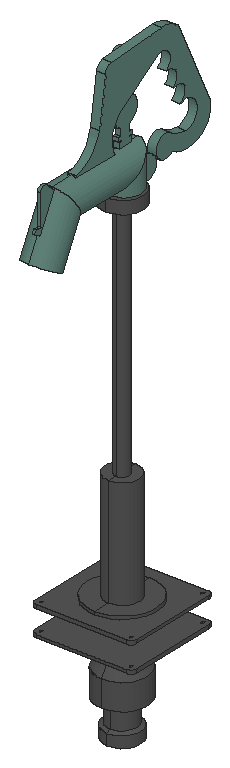
Revit family "Roof_Hydrant-Non_Freeze-Jay R.Smith-5906", category Plumbing Fixtures, Revit 2019
Family settings
  Round Connector Dimension = Use Diameter
  Part Type = Normal
  OmniClass Number = 23.65.70.11.11
  OmniClass Title = Fixtures for Liquids
  Work Plane-Based = No
  Always vertical = Yes
  Cut with Voids When Loaded = No
  Shared = No
  Room Calculation Point = No
Parameters (values of type "5906")
  Waste Connection = yes
  Vent Connection = no
  Vacuum Breaker -H = no
  URL = "http://www.jrsmith.com"
  Product URL = "http://www.jrsmith.com/products/hyd/hydrants_5906.htm"
  Product Page URL = "https://www.jrsmith.com/roof-hydrant-5906"
  Product Documentation Link = "https://www.jrsmith.com/uploads/fileLibrary/d5906.pdf"
  Model = "5906"
  Material = Metal-Jay R. Smith-Galvanized Iron
  Manufacturer = "J.R. Smith"
  Hose Connection = 3/4"
  Height from Metal Deck (Min. 17" - Max. 43") = 43"
  Height = 53 1/2"
  HW Connection = no
  Description = "Roof Hydrant, non-freeze roof hydrant with galvanized casing and adjustable flow whieel lock handle with deck flange and under deck clamp. "
  Connection Size = 3/4"
  CW Connection = yes
  Base Thickness = 2"
  1/8" NPT Drain Hole = 1/8"
Reference planes (in)
  plane 1 "Center (Front/Back)": y = 0
  plane 2: z = 0
  plane 3 "Center (Left/Right)": x = 0
  plane 4: through (0, 0, 48) normal (-0.7071, -0.7071, 0)
  plane 5: through (0, 0, 48) normal (-0.7071, 0.7071, 0)
  plane 6: z = 43
  plane 7: y = 3.8925
  plane 8: y = -3.8925
  plane 9: z = 10
  plane 10: z = -2
  plane 11: z = -10.5
Forms (in)
  Revolve 1, solid, material "Metal-Jay R. Smith-Galvanized Iron" <- "Material"
    sketch origin (0, 0, 0) x (0, -1, 0) y (0, 0, 1)
      loop
        line (0, -10.5) -> (0, 32.11341) -> (-1.81643, 32.11341) -> (-1.81643, 31.01655) -> (-0.60888, 31.01655) -> (-0.60888, 10) -> (-1.47646, 10) -> (-1.47646, 0.5198) -> (-2.97783, 0.5198) -> (-2.97783, 0.2698) -> (-1.23388, 0.2698) -> (-1.23388, -3.50804) -> (-1.67936, -3.731) -> (-1.67936, -4.19359) -> (-2.22783, -5.05028) -> (-2.22783, -7.31253) -> (-1.26815, -7.82643) -> (-1.26815, -9.33451) -> (-1.61082, -9.54011) -> (-1.61082, -10.5) -> (0, -10.5)
      axis (0, 32.11341) -> (0, -10.5)
    angle from 0 to 360
  Extrusion 2, solid, material "Metal-Jay R. Smith-Galvanized Iron"
    sketch origin (0, 0, 0.2698) x (1, 0, 0) y (0, 1, 0)
      loop
        arc (-3.89025, 4.39025) -> (-4.2438, 4.2438) -> (-4.39025, 3.89025) r 0.5
        line (-4.39025, 3.89025) -> (-4.39025, -3.89025)
        arc (-4.39025, -3.89025) -> (-4.2438, -4.2438) -> (-3.89025, -4.39025) r 0.5
        line (-3.89025, -4.39025) -> (3.89025, -4.39025)
        arc (3.89025, -4.39025) -> (4.2438, -4.2438) -> (4.39025, -3.89025) r 0.5
        line (4.39025, -3.89025) -> (4.39025, 3.89025)
        arc (4.39025, 3.89025) -> (4.2438, 4.2438) -> (3.89025, 4.39025) r 0.5
        line (3.89025, 4.39025) -> (-3.89025, 4.39025)
      loop
        circle (-3.8925, 3.8925) r 0.125
      loop
        circle (3.8925, 3.8925) r 0.125
      loop
        circle (-3.8925, -3.8925) r 0.125
      loop
        circle (3.8925, -3.8925) r 0.125
    from 0 to -0.2698
  Extrusion 3, solid, material "Metal-Jay R. Smith-Galvanized Iron"
    sketch origin (0, 0, -2) x (1, 0, 0) y (0, 1, 0)
      loop
        arc (-3.89025, 4.39025) -> (-4.2438, 4.2438) -> (-4.39025, 3.89025) r 0.5
        line (-4.39025, 3.89025) -> (-4.39025, -3.89025)
        arc (-4.39025, -3.89025) -> (-4.2438, -4.2438) -> (-3.89025, -4.39025) r 0.5
        line (-3.89025, -4.39025) -> (3.89025, -4.39025)
        arc (3.89025, -4.39025) -> (4.2438, -4.2438) -> (4.39025, -3.89025) r 0.5
        line (4.39025, -3.89025) -> (4.39025, 3.89025)
        arc (4.39025, 3.89025) -> (4.2438, 4.2438) -> (3.89025, 4.39025) r 0.5
        line (3.89025, 4.39025) -> (-3.89025, 4.39025)
      loop
        circle (-3.8925, 3.8925) r 0.125
      loop
        circle (3.8925, 3.8925) r 0.125
      loop
        circle (-3.8925, -3.8925) r 0.125
      loop
        circle (3.8925, -3.8925) r 0.125
    from 0 to -0.2698
  Extrusion 4, solid, material "Metal-Jay R. Smith-Galvanized Iron" <- "Material"
    sketch origin (0, 0, 0) x (0, 1, 0) y (0, 0, 1)
      loop
        circle (0, -6.24173) r 0.0625
    from -2.2642 to 0.36575
Cuts and joins
  joined: Revolve 1, Extrusion 4
Dimensions and locks (in)
  locked: plane 9 to plane 2 at 10
  "Height from Metal Deck (Min. 17" - Max. 43")": plane 6 to plane 2
  "Base Thickness": plane 2 to plane 10
  "Height": plane 6 to plane 11
  plane 6 to Revolve 1 sketch curve to Revolve 1 sketch curve = 10.88659" locked, 1.09686" locked
  Revolve 1 sketch curve to Revolve 1 sketch curve to plane 2 = 1/4" locked, 0.2698" locked
  aligned and locked: plane 9 to Revolve 1 sketch curve
  aligned and locked: plane 6 to nested 1
  aligned and locked: plane 1 "Center (Front/Back)" to nested 1
  aligned and locked: plane 3 "Center (Left/Right)" to nested 1
Automatic sketch dimensions
  plane 5 to Extrusion 2 sketch curve = 0"  (x3)
  plane 8 to Extrusion 2 sketch curve = 0"  (x2)
  Extrusion 2 sketch curve to plane 4 = 0"  (x2)
  Extrusion 2 sketch curve to plane 7 = 0"  (x2)
  plane 4 to Extrusion 2 sketch curve = 0"  (x2)
  Extrusion 2 sketch curve to plane 7 = 0.00225"
  Extrusion 2 sketch curve to Extrusion 2 sketch curve = 0.49775"
  Extrusion 2 sketch curve to plane 8 = 0.00225"
  Extrusion 2 sketch curve to Extrusion 2 sketch curve = 0.00225"  (x2)
  plane 5 to Extrusion 3 sketch curve = 0"  (x3)
  plane 8 to Extrusion 3 sketch curve = 0"  (x2)
  Extrusion 3 sketch curve to plane 4 = 0"  (x2)
  Extrusion 3 sketch curve to plane 7 = 0"  (x2)
  plane 4 to Extrusion 3 sketch curve = 0"  (x2)
  Extrusion 3 sketch curve to plane 7 = 0.00225"
  Extrusion 3 sketch curve to Extrusion 3 sketch curve = 0.49775"
  Extrusion 3 sketch curve to plane 8 = 0.00225"
  Extrusion 3 sketch curve to Extrusion 3 sketch curve = 0.00225"  (x2)
  Revolve 1 sketch curve to plane 11 = 0"
  Revolve 1 sketch curve to plane 1 "Center (Front/Back)" = 0"  (x2)
  Revolve 1 sketch curve to plane 1 "Center (Front/Back)" = 0.60888"
  Revolve 1 sketch curve to plane 1 "Center (Front/Back)" = 1.23388"
  Revolve 1 sketch curve to plane 1 "Center (Front/Back)" = 1.26815"
  Revolve 1 sketch curve to Revolve 1 sketch curve = 0.34267"
  Revolve 1 sketch curve to Revolve 1 sketch curve = 0.44548"
  Revolve 1 sketch curve to Revolve 1 sketch curve = 1.20755"
  Revolve 1 sketch curve to Revolve 1 sketch curve = 0.95969"
  Revolve 1 sketch curve to Revolve 1 sketch curve = 0.24259"
  Revolve 1 sketch curve to Revolve 1 sketch curve = 1.50137"
  plane 11 to Revolve 1 sketch curve = 0.95989"
  Revolve 1 sketch curve to Revolve 1 sketch curve = 0.2056"
  Revolve 1 sketch curve to Revolve 1 sketch curve = 1.50807"
  Revolve 1 sketch curve to Revolve 1 sketch curve = 0.51391"
  Revolve 1 sketch curve to Revolve 1 sketch curve = 2.26225"
  Revolve 1 sketch curve to Revolve 1 sketch curve = 0.85669"
  Revolve 1 sketch curve to Revolve 1 sketch curve = 0.46259"
  Revolve 1 sketch curve to Revolve 1 sketch curve = 0.22295"
  Revolve 1 sketch curve to plane 11 = 0.06853"
  Revolve 1 sketch curve to Revolve 1 sketch curve = 1"
  Extrusion 4 sketch curve to plane 1 "Center (Front/Back)" = 0"
  Extrusion 4 sketch curve to plane 10 = 4.24173"
  radius of Extrusion 2 sketch curve = 1/8"  (x4)
  radius of Extrusion 3 sketch curve = 1/8"  (x4)
  radius of Extrusion 4 sketch curve = 1/16"
Nested families (in)
  nested 1: "5906 Top" at (0, 0, 43), type "Top"
Connectors (in)
  piping at (-2.2642, 0, -6.24173), diameter 0.125, driven by "1/8" NPT Drain Hole"
    settings: on cut or joined group of Revolve 1, Extrusion 4, index 1, connector inside diameter 24", connector length 0", flow factor 0, pipe flow 0 GPM, pressure drop 0.00 psi, fitting loss kfactor 0, connector angle 0.00°, fixture units 0, engagement length 0", angle of deflection 0.00°, flow configuration 0, flow direction 2, fitting loss method 0, system type 16, joint type 0, gender type 0, connector reference index -1, connector utility 0, adjustable connector no, is connector primary yes, connector description "1/8\" NPT Drain Hole"
  piping at (0, 0, -10.5), diameter 0.75, driven by "Connection Size"
    settings: on cut or joined group of Revolve 1, Extrusion 4, index 2, connector inside diameter 24", connector length 0", flow factor 0, pipe flow 0 GPM, pressure drop 0.00 psi, fitting loss kfactor 0, connector angle 0.00°, fixture units 0, engagement length 0", angle of deflection 0.00°, flow configuration 0, flow direction 1, fitting loss method 0, system type 20, joint type 0, gender type 0, connector reference index -1, connector utility 0, adjustable connector no, is connector primary no, connector description "3/4\" Water Inlet"
  piping at (0, -8.74081, 29.86606), diameter 0.75, driven by "Hose Connection"
    settings: on nested 1, index 3, connector inside diameter 24", connector length 0", flow factor 0, pipe flow 0 GPM, pressure drop 0.00 psi, fitting loss kfactor 0, connector angle 0.00°, fixture units 0, engagement length 0", angle of deflection 0.00°, flow configuration 0, flow direction 2, fitting loss method 0, system type 20, joint type 0, gender type 0, connector reference index -1, connector utility 0, adjustable connector no, is connector primary no, connector description "3/4\" Hose Connection"
Definition of nested family "5906 Top"
  Parameters (values of type "Top")
    Waste Connection = no
    Vent Connection = no
    URL = "http://www.jrsmith.com"
    Product URL = "http://www.jrsmith.com/products/hyd/hydrants_5906.htm"
    Product Page URL = "https://www.jrsmith.com/roof-hydrant-5906"
    Product Documentation Link = "https://www.jrsmith.com/uploads/fileLibrary/d5906.pdf"
    Model = "5906"
    Material = none
    Manufacturer = "J.R. Smith"
    Height = 53 1/2"
    HW Connection = no
    Description = "Roof Hydrant, non-freeze roof hydrant with galvanized casing and adjustable flow whieel lock handle with deck flange and under deck clamp. "
    CW Connection = yes
  Reference planes (in)
    plane 1 "Center (Front/Back)": y = 0
    plane 2: z = 0
    plane 3 "Center (Left/Right)": x = 0
    plane 4: through (0, 0, 48) normal (-0.7071, -0.7071, 0)
    plane 5: through (0, 0, 48) normal (-0.7071, 0.7071, 0)
    plane 6: z = -2.39079
    plane 7: through (-180.375, 0.77458, -2.39079) normal (0, -0.7071, 0.7071)
    plane 8: z = 0
    plane 9: x = 0
  Forms (in)
    Sweep 1, solid, material <- "Material"
      path origin (0, 0, -53.35401) x (0, -1, 0) y (0, 0, 1)
        loop
          line (-1.66222, 42.46218) -> (-1.66222, 45.78672) -> (7.52694, 45.78672) -> (10.07658, 40.91984)
      profile origin (0, -2.93236, -7.56728) x (0, 0, 1) y (-1, 0, 0)
        loop
          circle (-1.50797, 0) r 1.5
    Extrusion 2, solid, material <- "Material"
      sketch origin (0.125, 0, -53.35401) x (0, -1, 0) y (0, 0, 1)
        loop
          line (6.6539, 44.69463) -> (7.94539, 42.11214) -> (9.56237, 43.01046) -> (9.39098, 43.31897) -> (9.12653, 43.25476) -> (9.01409, 43.40453) -> (9.01409, 46.02659)
          arc (9.01409, 46.02659) -> (8.69692, 46.36153) -> (8.24236, 46.28309) r 0.48846
          line (8.24236, 46.28309) -> (6.6539, 44.69463)
      from 0 to 0.25
    Extrusion 3, solid, material <- "Material"
      sketch origin (0.375, 0, -53.35401) x (0, -1, 0) y (0, 0, 1)
        loop
          arc (5.38104, 45.82089) -> (3.77305, 46.67176) -> (2.92217, 48.27976) r 3.091
          line (2.92217, 48.27976) -> (2.2851, 52.35776)
          arc (2.2851, 52.35776) -> (2.05043, 52.79528) -> (1.59387, 52.99035) r 0.75
          line (1.59387, 52.99035) -> (-3.79427, 53.34877)
          arc (-3.79427, 53.34877) -> (-4.7029, 53.23214) -> (-5.49978, 52.78027) r 2.37487
          line (-5.49978, 52.78027) -> (-8.97682, 45.46136)
          arc (-8.97682, 45.46136) -> (-8.66927, 43.74059) -> (-7.19789, 42.79683) r 2.18358
          arc (-7.19789, 42.79683) -> (-6.02441, 42.81998) -> (-4.93277, 43.25117) r 3.31021
          arc (-4.93277, 43.25117) -> (-3.23004, 43.93318) -> (-4.93277, 44.61519) r 0.98795
          arc (-4.93277, 44.61519) -> (-5.6664, 44.31746) -> (-6.4443, 44.17011) r 3.99903
          arc (-6.4443, 44.17011) -> (-7.67367, 45.67041) -> (-5.96098, 46.58088) r 1.25384
          line (-5.96098, 46.58088) -> (-5.81923, 46.56598)
          arc (-5.81923, 46.56598) -> (-6.26484, 47.69055) -> (-5.12565, 48.09732) r 0.84104
          arc (-5.12565, 48.09732) -> (-5.38531, 49.24103) -> (-4.31845, 49.72818) r 0.92932
          arc (-4.31845, 49.72818) -> (-4.66509, 51.01049) -> (-3.39638, 51.40403) r 0.95703
          line (-3.39638, 51.40403) -> (0.58266, 48.81891)
          arc (0.58266, 48.81891) -> (1.5482, 47.46792) -> (1.33668, 45.82089) r 2.2719
          line (1.33668, 45.82089) -> (0.77489, 44.38136) -> (6.29717, 44.38136) -> (5.38104, 45.82089)
        loop
          line (-1.81643, 42.22211) -> (0, 42.22211) -> (0, 44.39645) -> (-1.64509, 44.39645) -> (-1.92863, 44.11291)
          arc (-1.92863, 44.11291) -> (-3.21167, 43.08804) -> (-1.81643, 42.22211) r 1.00505
      from 0 to 0.75
    Extrusion 4, solid, material <- "Material"
      sketch origin (0, 0, -53.35401) x (0, -1, 0) y (0, 0, 1)
        loop
          line (0, 45.79109) -> (0.62192, 45.79109) -> (0.62192, 46.24926) -> (0.39877, 46.24926) -> (0.39877, 46.41597) -> (0.72011, 46.41597) -> (0.72011, 46.70161) -> (0.42839, 46.70161) -> (0.42839, 47.31839)
          arc (0.42839, 47.31839) -> (1.24061, 48.72033) -> (0, 49.76245) r 1.25958
          arc (0, 49.76245) -> (-1.24061, 48.72033) -> (-0.42839, 47.31839) r 1.25958
          line (-0.42839, 47.31839) -> (-0.42839, 46.70161) -> (-0.72011, 46.70161) -> (-0.72011, 46.41597) -> (-0.39877, 46.41597) -> (-0.39877, 46.24926) -> (-0.62192, 46.24926) -> (-0.62192, 45.79109) -> (0, 45.79109)
      from 0 to 0.25
    Extrusion 5, solid, material <- "Material"
      sketch origin (0, 0, -53.35401) x (0, -1, 0) y (0, 0, -1)
        loop
          line (0, -45.79109) -> (-0.62192, -45.79109) -> (-0.62192, -46.24926) -> (-0.39877, -46.24926) -> (-0.39877, -46.41597) -> (-0.72011, -46.41597) -> (-0.72011, -46.70161) -> (-0.42839, -46.70161) -> (-0.42839, -47.31839)
          arc (-0.42839, -47.31839) -> (-1.24061, -48.72033) -> (0, -49.76245) r 1.25958
          arc (0, -49.76245) -> (1.24061, -48.72033) -> (0.42839, -47.31839) r 1.25958
          line (0.42839, -47.31839) -> (0.42839, -46.70161) -> (0.72011, -46.70161) -> (0.72011, -46.41597) -> (0.39877, -46.41597) -> (0.39877, -46.24926) -> (0.62192, -46.24926) -> (0.62192, -45.79109) -> (0, -45.79109)
      from 0 to 0.25
    Extrusion 6, solid, material <- "Material"
      sketch origin (-0.375, 0, -53.35401) x (0, -1, 0) y (0, 0, 1)
        loop
          arc (-1.71372, 52.50424) -> (-2.24671, 52.32372) -> (-2.52611, 51.83526) r 0.7938
          arc (-2.52611, 51.83526) -> (-2.44168, 51.46867) -> (-2.41621, 51.09335) r 2.3738
          arc (-2.41621, 51.09335) -> (-2.6483, 50.76278) -> (-2.74185, 50.36986) r 1.07386
          arc (-2.74185, 50.36986) -> (-2.51584, 49.82594) -> (-1.97091, 49.60238) r 0.76749
          arc (-1.97091, 49.60238) -> (-1.72786, 49.52761) -> (-1.57655, 49.32324) r 0.40722
          arc (-1.57655, 49.32324) -> (-1.21434, 48.96608) -> (-0.71129, 48.8906) r 0.82165
          arc (-0.71129, 48.8906) -> (-0.53784, 48.93922) -> (-0.37876, 49.02371) r 0.83958
          arc (-0.37876, 49.02371) -> (-0.1567, 49.29344) -> (0.16908, 49.41967) r 0.68939
          arc (0.16908, 49.41967) -> (0.36274, 49.43199) -> (0.5434, 49.50286) r 0.62791
          arc (0.5434, 49.50286) -> (0.87501, 49.77662) -> (0.94236, 50.20132) r 0.6076
          arc (0.94236, 50.20132) -> (0.92583, 50.64368) -> (1.05527, 51.06699) r 1.33103
          arc (1.05527, 51.06699) -> (1.10492, 51.60122) -> (0.78037, 52.02846) r 0.73965
          arc (0.78037, 52.02846) -> (0.38855, 52.16489) -> (0.1126, 52.47472) r 0.82537
          arc (0.1126, 52.47472) -> (-0.38536, 52.88382) -> (-1.02427, 52.79947) r 0.80932
          arc (-1.02427, 52.79947) -> (-1.33596, 52.57471) -> (-1.71372, 52.50424) r 0.87973
        loop
          line (-0.99391, 52.36717) -> (-0.77458, 50.96321) -> (-0.14933, 52.21995)
          arc (-0.14933, 52.21995) -> (-0.54989, 52.4182) -> (-0.99391, 52.36717) r 0.7894
        loop
          arc (-1.33766, 49.65701) -> (-0.9211, 49.49505) -> (-0.48336, 49.58524) r 0.7894
          line (-0.48336, 49.58524) -> (-0.76947, 50.95946) -> (-1.33766, 49.65701)
        loop
          line (0.35654, 51.85728) -> (-0.75447, 50.97135) -> (0.64697, 51.05066)
          arc (0.64697, 51.05066) -> (0.6208, 51.49684) -> (0.35654, 51.85728) r 0.7894
        loop
          arc (0.18366, 49.88895) -> (0.50649, 50.19803) -> (0.60975, 50.63288) r 0.7894
          line (0.60975, 50.63288) -> (-0.75663, 50.95434) -> (0.18366, 49.88895)
        loop
          arc (-1.72195, 52.02992) -> (-2.04478, 51.72083) -> (-2.14804, 51.28599) r 0.7894
          line (-2.14804, 51.28599) -> (-0.78166, 50.96452) -> (-1.72195, 52.02992)
        loop
          line (-1.89597, 50.06442) -> (-0.78496, 50.95035) -> (-2.1864, 50.87104)
          arc (-2.1864, 50.87104) -> (-2.16023, 50.42487) -> (-1.89597, 50.06442) r 0.7894
      from 0 to 0.5
  Cuts and joins
    joined: Sweep 1, Extrusion 2, Extrusion 3, Extrusion 4, Extrusion 5, Extrusion 6
